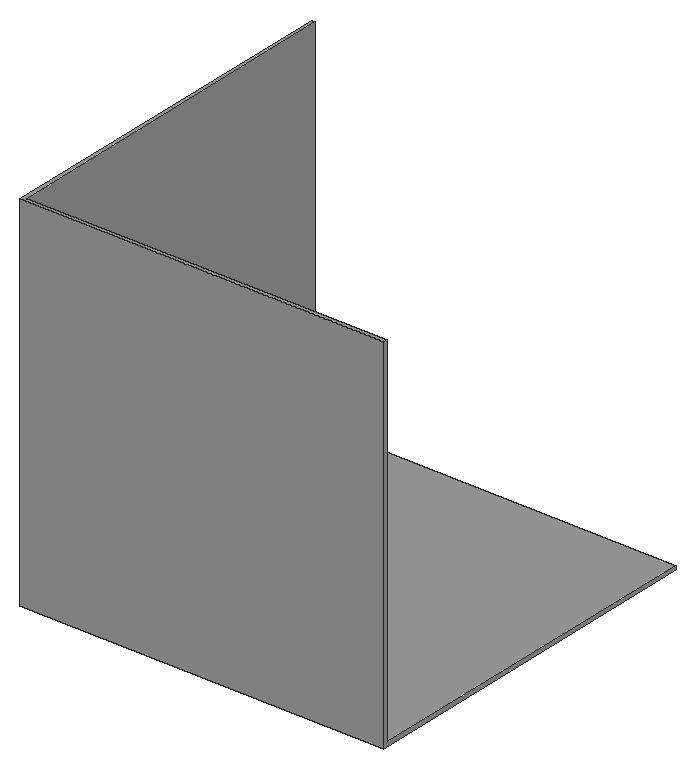
Revit family "Flashing_Preformed_Hyload_Inside90", category Generic Models, Revit 2013
Parameters (values of type "As Specified")
  Unit Width = 0' - 6"
  Unit Height = 0' - 6"
  Unit Depth = 0' - 6"
  URL = "http://www.hyload.com/"
  Thickness = 0' - 0 1/16"
  Specification = "http://www.arcat.com/sdspecs/htm04/07_65_00hyl.htm"
  Sales Information = "http://www.hyload.com/contact-us"
  Revision = "R1_12-2015"
  Product Properties = "http://www.hyload.com/masonry-flashing/preformed-shapes/"
  Product Data = "http://www.arcat.com/arcatcos/cos33/arc33176.html"
  Model = "Inside Corner (90)"
  Manufacturer Website = "http://www.hyload.com/"
  Manufacturer Phone - Toll Free = "800-457-4056"
  Manufacturer Phone = "330-769-3546"
  Manufacturer Fax = "330-769-4153"
  Manufacturer Address = "5020 Panther Pkwy., Seville, OH 44273"
  Manufacturer = "Hyload"
  Keynote = "07 65 00"
  Flashing Material = Hyload Flashing Membrane - Grey
  Drawn By = "Robert S. Weygant / Sumex Design"
  Description = "Preformed Hyload Masonry Flashing - Inside Corner (90)"
  Copyright = "(c) ARCAT, Inc, 2015"
  Construction Details = "http://www.arcat.com/details/hyload/hyload.html?coid=33176"
  Assembly Code = "B3010400"
Reference planes (in)
  plane 1 "Center (Front/Back)": y = 0
  plane 2: z = 0
  plane 3 "Center (Left/Right)": x = 0
  plane 4: y = 6
  plane 5: x = 6
  plane 6: z = 6
Forms (in)
  Extrusion 1, solid, material "Hyload Flashing Membrane - Grey" <- "Flashing Material"
    sketch origin (0, 0, 0) x (1, 0, 0) y (0, 1, 0)
      loop
        line (0, 6) -> (0, 0) -> (6, 0) -> (6, 6) -> (0, 6)
    from 0 to 0.0625 <- "Thickness"
  Extrusion 2, solid, material "Hyload Flashing Membrane - Grey" <- "Flashing Material"
    sketch origin (0, 0, 0) x (1, 0, 0) y (0, 1, 0)
      loop
        line (0, 6) -> (0, 0) -> (6, 0) -> (6, 0.0625) -> (0.0625, 0.0625) -> (0.0625, 6) -> (0, 6)
    from 0 to 6 <- "Unit Height"
Cuts and joins
  joined: Extrusion 1, Extrusion 2
Dimensions and locks (in)
  "Unit Depth": plane 1 "Center (Front/Back)" to plane 4
  "Unit Width": plane 3 "Center (Left/Right)" to plane 5
  "Unit Height": plane 6 to level
  "Thickness": plane 1 "Center (Front/Back)" to Extrusion 2 sketch curve
  "Thickness": plane 3 "Center (Left/Right)" to Extrusion 2 sketch curve
  plane 3 "Center (Left/Right)" to Extrusion 2 = 0' - 6"
  aligned and locked: plane 2 to level
  aligned and locked: Extrusion 1 sketch curve to plane 4
  aligned and locked: plane 3 "Center (Left/Right)" to Extrusion 1 sketch curve
  aligned and locked: Extrusion 1 sketch curve to plane 1 "Center (Front/Back)"
  aligned and locked: Extrusion 1 sketch curve to plane 5
  aligned and locked: plane 4 to Extrusion 2 sketch curve
  aligned and locked: Extrusion 2 sketch curve to plane 3 "Center (Left/Right)"
  aligned and locked: plane 1 "Center (Front/Back)" to Extrusion 2 sketch curve
  aligned and locked: plane 5 to Extrusion 2 sketch curve
  aligned and locked: Extrusion 2 to level
